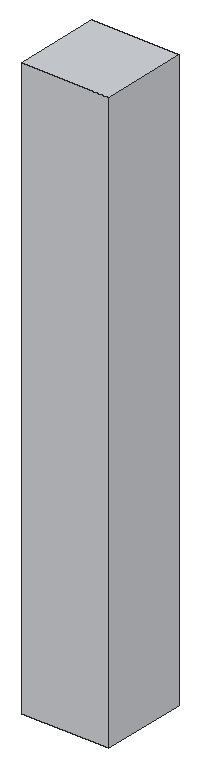
Revit family "DIK - COMPONENTI_fam", category Generic Models, Revit 2023
Family settings
  Can host rebar = No
  Round Connector Dimension = Use Diameter
  Part Type = Normal
  Work Plane-Based = No
  Always vertical = Yes
  Cut with Voids When Loaded = No
  Maintain Annotation Orientation = No
  Shared = No
  Room Calculation Point = No
Parameters (values of type "15 x 15 x 100")
  c_cluster [instance] = ""
  LATO 2 = 15000 mm
  LATO 1 = 15000 mm
  Default Elevation = 0 mm
  ALTEZZA = 100000 mm
Types (3, lengths in mm): name | LATO 2 | LATO 1 | ALTEZZA
  (no name) | 15000 | 15000 | 100000
  20 x 20 x 50 | 20000 | 20000 | 50000
  15 x 15 x 100 | 15000 | 15000 | 100000
Reference planes
  plane 1 "Center (Front/Back)": y = 0
  plane 2: z = 0
  plane 3 "Center (Left/Right)": x = 0
  plane 4: y = 15000
  plane 5: x = 15000
  plane 6: z = 100000
Forms (mm)
  Extrusion 1, solid
    sketch origin (0, 0, 0) x (1, 0, 0) y (0, 1, 0)
      loop
        line (0, 0) -> (15000, 0) -> (15000, 15000) -> (0, 15000) -> (0, 0)
    from 0 to 100000
Dimensions and locks
  "LATO 1": plane 4 to plane 1 "Center (Front/Back)"
  "LATO 2": plane 3 "Center (Left/Right)" to plane 5
  "ALTEZZA": plane 6 to level
  aligned and locked: level to plane 2
  aligned and locked: Extrusion 1 sketch curve to plane 4
  aligned and locked: plane 5 to Extrusion 1 sketch curve
  aligned and locked: plane 1 "Center (Front/Back)" to Extrusion 1 sketch curve
  aligned and locked: Extrusion 1 sketch curve to plane 3 "Center (Left/Right)"
  aligned and locked: plane 6 to Extrusion 1
